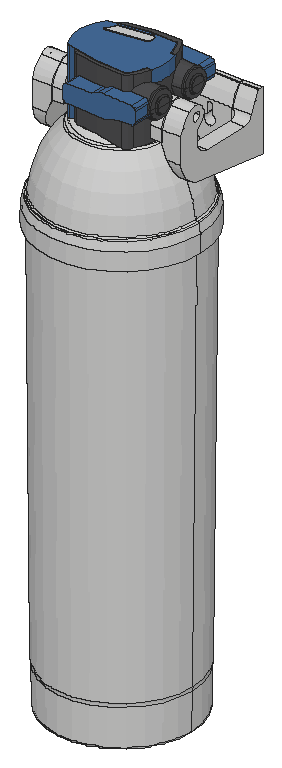
Revit family "QF_Vivreau_PURITY C500 Finest", category Specialty Equipment, Revit 2018 (continued)
Definition of nested family "QF_Vivreau_Wall Bracket_C500"
  Forms (in)
    Extrusion 5, solid
      sketch origin (0, 0, 0) x (0, 1, 0) y (0, 0, 1)
        loop
          line (-3.74609, 56.01885) -> (-3.74609, 55.58356) -> (-3.04993, 55.58356) -> (-3.04993, 55.82751)
          arc (-3.04993, 55.82751) -> (-3.01891, 55.92778) -> (-2.95631, 56.01202) r 0.31113
          arc (-2.95631, 56.01202) -> (-2.87354, 56.09395) -> (-2.79381, 56.17883) r 3.21432
          arc (-2.79381, 56.17883) -> (-2.73635, 56.27963) -> (-2.7179, 56.39419) r 0.32555
          arc (-2.7179, 56.39419) -> (-2.77627, 56.58692) -> (-2.92668, 56.72083) r 0.37126
          arc (-2.92668, 56.72083) -> (-3.14017, 56.75004) -> (-3.32952, 56.64719) r 0.34587
      from 0.71175 to 1.13945
    Extrusion 6, solid
      sketch origin (4.34798, 0, 0) x (0, 1, 0) y (0, 0, 1)
        loop
          arc (-3.32952, 56.64719) -> (-3.60078, 56.37477) -> (-3.74609, 56.01885) r 0.97803
          line (-3.74609, 56.01885) -> (-3.74609, 55.58356) -> (-3.04993, 55.58356) -> (-3.04993, 55.82751)
          arc (-3.04993, 55.82751) -> (-3.01891, 55.92778) -> (-2.95631, 56.01202) r 0.31113
          arc (-2.95631, 56.01202) -> (-2.87354, 56.09395) -> (-2.79381, 56.17883) r 3.21432
          arc (-2.79381, 56.17883) -> (-2.73635, 56.27963) -> (-2.7179, 56.39419) r 0.32555
          arc (-2.7179, 56.39419) -> (-2.77627, 56.58692) -> (-2.92668, 56.72083) r 0.37126
          arc (-2.92668, 56.72083) -> (-3.14017, 56.75004) -> (-3.32952, 56.64719) r 0.34587
      from 0 to 0.4277
    Extrusion 7, solid
      sketch origin (0, 0, 0) x (0, 1, 0) y (0, 0, 1)
        loop
          circle (-3.06236, 56.38281) r 0.17302
      from 1.13945 to 1.35172
    Extrusion 8, solid
      sketch origin (2.86179, 0, 0) x (0, 1, 0) y (0, 0, 1)
        loop
          circle (-3.06236, 56.38281) r 0.17302
      from 1.19877 to 1.48618
    Extrusion 9, void
      sketch origin (0, 0, 0) x (1, 0, 0) y (0, 0, 1)
        loop
          line (0.15642, 53.82017) -> (0.15642, 53.76981) -> (0.77378, 53.76981) -> (0.77378, 55.54717) -> (0.71175, 55.54717)
          arc (0.71175, 55.54717) -> (0.39158, 54.69733) -> (0.15642, 53.82017) r 9.23624
      from 0.51986 to 3.74609
    Extrusion 10, void
      sketch origin (5.48742, 0, 0) x (-1, 0, 0) y (0, 0, -1)
        loop
          arc (0.15642, -53.82017) -> (0.39158, -54.69733) -> (0.71175, -55.54717) r 9.23624
          line (0.71175, -55.54717) -> (0.77378, -55.54717) -> (0.77378, -53.76981) -> (0.15642, -53.76981) -> (0.15642, -53.82017)
      from 0.51986 to 3.74609
  Cuts and joins
    Extrusion 4, Extrusion 9 cuts Extrusion 3
    Extrusion 9, Extrusion 10 cuts Extrusion 1
    Extrusion 10 cuts Extrusion 2
  Lines and regions (in)
    symbolic lines
      curve 1: line (0, -3.23537, 56.38281) -> (0, -2.88934, 56.38281)
      curve 2: line (0.40405, -0.13295, 0) -> (0.40405, 0, 0)
      curve 3: line (0.40405, 0, 0) -> (5.08337, 0, 0)
      curve 4: line (5.08337, -0.13295, 0) -> (5.08337, 0, 0)
      curve 5: line (0.40405, -0.13295, 0) -> (5.08337, -0.13295, 0)
      curve 6: arc (0.40405, -0.13295, 0) -> (0.42218, -0.30656, 0) -> (0.44979, -0.47891, 0) r 3.18691
      curve 7: arc (0.44979, -0.47891, 0) -> (0.44265, -0.54927, 0) -> (0.42407, -0.6175, 0) r 0.42983
      curve 8: arc (0.42407, -0.6175, 0) -> (0.08893, -1.60757, 0) -> (0, -2.64903, 0) r 4.34392
      curve 9: arc (1.01852, -0.51986, 0) -> (0.66155, -1.5729, 0) -> (0.57957, -2.68176, 0) r 4.40598
      curve 10: line (0.39328, -2.68176, 0) -> (1.02034, -2.68176, 0)
      curve 11: line (1.02034, -2.68176, 0) -> (1.02034, -3.68176, 0)
      curve 12: arc (0.39328, -2.68176, 0) -> (0.27454, -2.7648, 0) -> (0.22894, -2.90232, 0) r 0.23018
      curve 13: arc (0.12248, -3.08148, 0) -> (0.15422, -3.06272, 0) -> (0.17635, -3.03322, 0) r 0.09432
      curve 14: arc (0.17635, -3.03322, 0) -> (0.20476, -2.96863, 0) -> (0.22894, -2.90232, 0) r 1.08965
      curve 15: arc (0.12248, -3.08148, 0) -> (0.0982, -3.08363, 0) -> (0.07385, -3.08469, 0) r 0.54642
      curve 16: arc (0.07385, -3.08469, 0) -> (0.04284, -3.05822, 0) -> (0.0293, -3.01977, 0) r 0.07844
      curve 17: arc (0.39328, -2.68176, 0) -> (0.44322, -2.69561, 0) -> (0.47889, -2.7332, 0) r 0.09696
      curve 18: arc (0.47889, -2.7332, 0) -> (0.51971, -2.80727, 0) -> (0.54276, -2.88864, 0) r 0.37227
      curve 19: arc (0.54276, -2.88864, 0) -> (0.55909, -3.03706, 0) -> (0.54276, -3.18547, 0) r 0.68254
      curve 20: arc (0.54276, -3.18547, 0) -> (0.46763, -3.39851, 0) -> (0.34409, -3.58761, 0) r 0.94478
      curve 21: arc (0.34409, -3.58761, 0) -> (0.29471, -3.65131, 0) -> (0.23677, -3.70733, 0) r 0.5646
      curve 22: arc (0.23677, -3.70733, 0) -> (0.20133, -3.72715, 0) -> (0.16121, -3.73335, 0) r 0.11449
      curve 23: arc (0.16121, -3.73335, 0) -> (0.12018, -3.73371, 0) -> (0.07926, -3.73682, 0) r 0.61075
      curve 24: arc (0.07926, -3.73682, 0) -> (0.02221, -3.70198, 0) -> (0, -3.63894, 0) r 0.09968
      curve 25: line (0, -3.63894, 0) -> (0, -2.64903, 0)
      curve 26: arc (0.0293, -3.01977, 0) -> (0.01004, -2.90893, 0) -> (0, -2.79687, 0) r 1.36079
      curve 27: arc (0.07926, -3.73682, 0) -> (0.21195, -3.74363, 0) -> (0.3448, -3.74609, 0) r 4.0609
      curve 28: arc (0.3448, -3.74609, 0) -> (0.65283, -3.73623, 0) -> (0.95923, -3.70313, 0) r 4.07828
      curve 29: arc (0.95923, -3.70313, 0) -> (0.99081, -3.69537, 0) -> (1.02034, -3.68176, 0) r 0.17058
      curve 30: arc (5.08337, -0.13295, 0) -> (5.06524, -0.30656, 0) -> (5.03763, -0.47891, 0) r 3.18691
      curve 31: arc (5.03763, -0.47891, 0) -> (5.04477, -0.54927, 0) -> (5.06335, -0.6175, 0) r 0.42983
      curve 32: arc (5.06335, -0.6175, 0) -> (5.39849, -1.60757, 0) -> (5.48742, -2.64903, 0) r 4.34392
      curve 33: arc (4.4689, -0.51986, 0) -> (4.82587, -1.5729, 0) -> (4.90785, -2.68176, 0) r 4.40598
      curve 34: line (5.09414, -2.68176, 0) -> (4.46708, -2.68176, 0)
      curve 35: line (4.46708, -2.68176, 0) -> (4.46708, -3.68176, 0)
      curve 36: arc (5.09414, -2.68176, 0) -> (5.21288, -2.7648, 0) -> (5.25848, -2.90232, 0) r 0.23018
      curve 37: arc (5.36494, -3.08148, 0) -> (5.3332, -3.06272, 0) -> (5.31108, -3.03322, 0) r 0.09432
      curve 38: arc (5.31108, -3.03322, 0) -> (5.28266, -2.96863, 0) -> (5.25848, -2.90232, 0) r 1.08965
      curve 39: arc (5.36494, -3.08148, 0) -> (5.38922, -3.08363, 0) -> (5.41358, -3.08469, 0) r 0.54642
      curve 40: arc (5.41358, -3.08469, 0) -> (5.44458, -3.05822, 0) -> (5.45812, -3.01977, 0) r 0.07844
      curve 41: arc (5.09414, -2.68176, 0) -> (5.0442, -2.69561, 0) -> (5.00853, -2.7332, 0) r 0.09696
      curve 42: arc (5.00853, -2.7332, 0) -> (4.96771, -2.80727, 0) -> (4.94466, -2.88864, 0) r 0.37227
      curve 43: arc (4.94466, -2.88864, 0) -> (4.92833, -3.03706, 0) -> (4.94466, -3.18547, 0) r 0.68254
      curve 44: arc (4.94466, -3.18547, 0) -> (5.01979, -3.39851, 0) -> (5.14334, -3.58761, 0) r 0.94478
      curve 45: arc (5.14334, -3.58761, 0) -> (5.19271, -3.65131, 0) -> (5.25065, -3.70733, 0) r 0.5646
      curve 46: arc (5.25065, -3.70733, 0) -> (5.28609, -3.72715, 0) -> (5.32621, -3.73335, 0) r 0.11449
      curve 47: arc (5.32621, -3.73335, 0) -> (5.36725, -3.73371, 0) -> (5.40816, -3.73682, 0) r 0.61075
      curve 48: arc (5.40816, -3.73682, 0) -> (5.46521, -3.70198, 0) -> (5.48742, -3.63894, 0) r 0.09968
      curve 49: line (5.48742, -3.63894, 0) -> (5.48742, -2.64903, 0)
      curve 50: arc (5.45812, -3.01977, 0) -> (5.47738, -2.90893, 0) -> (5.48742, -2.79687, 0) r 1.36079
      curve 51: arc (5.40816, -3.73682, 0) -> (5.27547, -3.74363, 0) -> (5.14262, -3.74609, 0) r 4.0609
      curve 52: arc (5.14262, -3.74609, 0) -> (4.8346, -3.73623, 0) -> (4.52819, -3.70313, 0) r 4.07828
      curve 53: arc (4.52819, -3.70313, 0) -> (4.49661, -3.69537, 0) -> (4.46708, -3.68176, 0) r 0.17058
      curve 54: line (1.1815, -2.88934, 0) -> (1.02034, -2.88934, 0)
      curve 55: line (1.1815, -2.88934, 0) -> (1.1815, -3.23537, 0)
      curve 56: line (1.1815, -3.23537, 0) -> (1.02034, -3.23537, 0)
      curve 57: line (4.17639, -2.88934, 0) -> (4.46708, -2.88934, 0)
      curve 58: line (4.17639, -2.88934, 0) -> (4.17639, -3.23537, 0)
      curve 59: line (4.17639, -3.23537, 0) -> (4.46708, -3.23537, 0)
      curve 60: line (1.01852, -0.51986, 0) -> (4.4689, -0.51986, 0)
      curve 61: line (0, 0, 0) -> (5.48742, 0, 0)
  Dimensions and locks (in)
    "Depth": plane 4 "FRONT" to plane 1 "BACK"
    equal spacing: plane 4 "FRONT", plane 5 "Center (Front/Back)", plane 1 "BACK"
    locked: plane 3 "LEFT" to plane 7 "RIGHT" at 5.48742
    equal spacing: plane 3 "LEFT", plane 8 "Center (Left/Right)", plane 7 "RIGHT"
    plane 10 "Center F/D" to plane 9 "Center F/C" to plane 11 "Center F/E" to plane 12 "Center F/F" to plane 6 "Center (Bottom/Top)" to plane 14 "Center F/N" = 0' - 0.36597" locked, 0' - 0.36396" locked, 0' - 0.94337" locked, 0' - 1.25532" locked, 1' - 5.82017" locked
    locked: plane 13 "Center F/I" to plane 10 "Center F/D" at 0.16528
    "Mounting Height": plane 14 "Center F/N" to plane 2 "REF. LAYER"
    aligned and locked: level to plane 2 "REF. LAYER"
    aligned and locked: plane 11 "Center F/E" to Extrusion 1 sketch curve
    aligned and locked: plane 1 "BACK" to Extrusion 1 sketch curve
    aligned and locked: plane 12 "Center F/F" to Extrusion 1 sketch curve
    aligned and locked: Extrusion 1 sketch curve to plane 12 "Center F/F"
    aligned and locked: plane 4 "FRONT" to Extrusion 1 sketch curve
    aligned and locked: plane 3 "LEFT" to curve 61
    aligned and locked: plane 7 "RIGHT" to curve 61
    aligned and locked: curve 61 to plane 2 "REF. LAYER"
    aligned and locked: Extrusion 5 to cut or joined group of Extrusion 1, Extrusion 9, Extrusion 10
    aligned and locked: Extrusion 6 to cut or joined group of Extrusion 2, Extrusion 10
  Automatic sketch dimensions
    curve 1 to plane 9 "Center F/C" = 0' - 0"
    curve 1 to plane 4 "FRONT" = 0' - 0.51072"
    curve 1 to curve 1 = 0' - 0.34603"
    curve 26 to plane 3 "LEFT" = 0' - 0"
    plane 4 "FRONT" to curve 27 = 0' - 0"
    plane 1 "BACK" to curve 2 = 0' - 0"
    plane 4 "FRONT" to curve 51 = 0' - 0"
    curve 48 to plane 7 "RIGHT" = 0' - 0"
    curve 19 to plane 3 "LEFT" = 0' - 0.12345"
    curve 21 to plane 3 "LEFT" = 0' - 0.12571"
    curve 20 to curve 19 = 0' - 0.25597"
    curve 14 to curve 20 = 0' - 0.42691"
    plane 3 "LEFT" to curve 7 = 0' - 0.02004"
    plane 3 "LEFT" to curve 15 = 0' - 0.06218"
    plane 3 "LEFT" to curve 13 = 0' - 0.09129"
    plane 3 "LEFT" to curve 24 = 0' - 0.09968"
    curve 13 to curve 16 = 0' - 0.01623"
    plane 3 "LEFT" to curve 23 = 0' - 0.146"
    curve 24 to curve 22 = 0' - 0.06438"
    curve 16 to curve 18 = 0' - 0.06786"
    plane 3 "LEFT" to curve 27 = 0' - 0.35368"
    curve 27 to curve 28 = 0' - 0.01466"
    curve 18 to curve 10 = 0' - 0.2179"
    plane 1 "BACK" to curve 5 = 0' - 0.13295"
    plane 3 "LEFT" to curve 5 = 0' - 0.40405"
    curve 17 to curve 12 = 0' - 0.06584"
    curve 12 to curve 33 = 0' - 0.11471"
    curve 29 to plane 4 "FRONT" = 0' - 0.21174"
    curve 22 to curve 29 = 0' - 0.77045"
    plane 1 "BACK" to curve 60 = 0' - 0.51986"
    curve 2 to curve 60 = 0' - 0.61447"
    curve 33 to curve 11 = 0' - 0.51235"
    curve 10 to curve 32 = 0' - 0.12589"
    curve 54 to curve 54 = 0' - 0.16115"
    curve 54 to curve 26 = 0' - 0.17773"
    curve 30 to plane 1 "BACK" = 0' - 0.11117"
    curve 30 to plane 8 "Center (Left/Right)" = 0' - 0.83788"
    curve 6 to plane 1 "BACK" = 0' - 0.11117"
    plane 8 "Center (Left/Right)" to curve 6 = 0' - 0.83788"
    curve 50 to plane 7 "RIGHT" = 0' - 1.35923"
    curve 50 to curve 57 = 0' - 0.0482"
    curve 50 to curve 8 = 0' - 0.213"
    curve 8 to curve 34 = 0' - 0.12589"
    curve 60 to plane 7 "RIGHT" = 0' - 1.01852"
    curve 35 to curve 53 = 0' - 0.08583"
    curve 9 to plane 7 "RIGHT" = 0' - 0.50799"
    curve 9 to curve 36 = 0' - 0.04887"
    curve 5 to plane 7 "RIGHT" = 0' - 0.40405"
    curve 36 to curve 34 = 0' - 0.06584"
    curve 3 to curve 52 = 0' - 0.03571"
    curve 52 to curve 51 = 0' - 0.01466"
    curve 42 to plane 7 "RIGHT" = 0' - 0.17538"
    curve 46 to plane 4 "FRONT" = 0' - 0.12719"
    curve 46 to plane 7 "RIGHT" = 0' - 0 21/128"
    curve 47 to plane 7 "RIGHT" = 0' - 0.146"
    curve 42 to curve 40 = 0' - 0.06786"
    curve 46 to curve 48 = 0' - 0.06438"
    curve 40 to curve 37 = 0' - 0.01623"
    curve 39 to plane 7 "RIGHT" = 0' - 0.06218"
    curve 31 to plane 7 "RIGHT" = 0' - 0.02004"
    plane 7 "RIGHT" to curve 43 = 0' - 0.12345"
    plane 7 "RIGHT" to curve 45 = 0' - 0.12571"
    curve 43 to curve 44 = 0' - 0.25597"
    curve 44 to curve 38 = 0' - 0.42691"
    plane 4 "FRONT" to curve 47 = 0' - 0.59782"
    plane 4 "FRONT" to curve 23 = 0' - 0.59782"
    curve 11 to plane 4 "FRONT" = 0' - 0.06433"
    curve 35 to plane 4 "FRONT" = 0' - 0.06433"
    curve 48 to curve 46 = 0' - 0.02035"
    curve 28 to curve 24 = 0' - 0.10684"
    curve 24 to curve 25 = 0' - 0.00031"
    curve 48 to curve 49 = 0' - 0.00031"
    curve 24 to curve 22 = 0' - 0.02035"
    curve 35 to curve 53 = 0' - 0.14741"
    curve 25 to curve 21 = 0' - 0.36448"
    curve 48 to curve 45 = 0' - 0.36448"
    curve 29 to curve 56 = 0' - 0.29898"
    curve 53 to curve 58 = 0' - 0.29898"
    curve 21 to curve 19 = 0' - 0.23741"
    curve 45 to curve 43 = 0' - 0.23741"
    curve 19 to curve 16 = 0' - 0.02321"
    curve 43 to curve 40 = 0' - 0.02321"
    curve 16 to curve 13 = 0' - 0.02138"
    curve 40 to curve 37 = 0' - 0.02138"
    curve 19 to curve 20 = 0' - 0.05702"
    curve 43 to curve 44 = 0' - 0.05702"
    curve 40 to curve 42 = 0' - 0.06509"
    curve 16 to curve 18 = 0' - 0.06509"
    curve 18 to curve 12 = 0' - 0.04643"
    curve 42 to curve 36 = 0' - 0.04643"
    curve 58 to curve 57 = 0' - 0.34603"
    curve 55 to curve 54 = 0' - 0.34603"
    curve 36 to curve 41 = 0' - 0.12361"
    curve 12 to curve 17 = 0' - 0.12361"
    curve 57 to curve 50 = 0' - 0.15777"
    curve 54 to curve 26 = 0' - 0.15777"
    curve 54 to curve 11 = 0' - 0.20758"
    curve 57 to curve 34 = 0' - 0.20758"
    curve 12 to curve 25 = 0' - 0.25329"
    curve 36 to curve 49 = 0' - 0.25329"
    curve 20 to curve 14 = 0' - 0.41766"
    curve 44 to curve 38 = 0' - 0.41766"
    curve 8 to curve 15 = 0' - 0.11064"
    curve 32 to curve 39 = 0' - 0.11064"
    curve 34 to curve 8 = 0' - 0.18655"
    curve 10 to curve 32 = 0' - 0.18655"
    curve 9 to curve 33 = 0' - 0.23217"
    curve 33 to curve 9 = 0' - 0.23217"
    plane 1 "BACK" to curve 31 = 0' - 0.47084"
    plane 1 "BACK" to curve 7 = 0' - 0.47084"
    curve 51 to plane 1 "BACK" = 0' - 0.31479"
    curve 27 to plane 1 "BACK" = 0' - 0.31479"
    curve 51 to curve 52 = 0' - 0.01732"
    curve 27 to curve 28 = 0' - 0.01732"
    plane 3 "LEFT" to curve 26 = 0' - 0.0293"
    plane 3 "LEFT" to curve 16 = 0' - 0.07385"
    curve 27 to curve 24 = 0' - 0.02042"
    curve 16 to curve 13 = 0' - 0.04863"
    curve 22 to curve 23 = 0' - 0"
    curve 13 to curve 14 = 0' - 0"
    curve 21 to plane 4 "FRONT" = 0' - 0.03876"
    curve 20 to plane 4 "FRONT" = 0' - 0.15848"
    plane 3 "LEFT" to curve 8 = 0' - 0.42407"
    curve 17 to curve 17 = 0' - 0.08561"
    curve 19 to curve 20 = 0' - 0"
    curve 52 to curve 53 = 0' - 0"
    curve 42 to curve 36 = 0' - 0.08364"
    curve 43 to curve 36 = 0' - 0.08364"
    curve 44 to curve 43 = 0' - 0"
    curve 31 to curve 4 = 0' - 0.04574"
    curve 45 to plane 4 "FRONT" = 0' - 0.15848"
    curve 46 to plane 4 "FRONT" = 0' - 0.03876"
    curve 37 to curve 38 = 0' - 0"
    curve 37 to curve 40 = 0' - 0.01496"
    curve 39 to curve 39 = 0' - 0.04863"
    curve 50 to plane 7 "RIGHT" = 0' - 0.0293"
    Extrusion 1 sketch curve to plane 9 "Center F/C" = 0' - 0"
    Extrusion 1 sketch curve to plane 6 "Center (Bottom/Top)" = 0' - 0"
    Extrusion 1 sketch curve to plane 12 "Center F/F" = 0' - 0"
    Extrusion 1 sketch curve to plane 11 "Center F/E" = 0' - 0"
    plane 4 "FRONT" to Extrusion 1 sketch curve = 0' - 1.42987"
    plane 9 "Center F/C" to Extrusion 1 sketch curve = 0' - 0.00416"
    Extrusion 1 sketch curve to plane 4 "FRONT" = 0' - 0.657"
    Extrusion 1 sketch curve to Extrusion 1 sketch curve = 0' - 0.01111"
    Extrusion 1 sketch curve to Extrusion 1 sketch curve = 0' - 0.02674"
    Extrusion 1 sketch curve to plane 11 "Center F/E" = 0' - 0.19134"
    Extrusion 1 sketch curve to Extrusion 1 sketch curve = 0' - 0.01242"
    plane 6 "Center (Bottom/Top)" to Extrusion 1 sketch curve = 0' - 0.39563"
    Extrusion 1 sketch curve to plane 4 "FRONT" = 0' - 0.69616"
    Extrusion 1 sketch curve to Extrusion 1 sketch curve = 0' - 0.01897"
    Extrusion 1 sketch curve to Extrusion 1 sketch curve = 0' - 0.26431"
    Extrusion 1 sketch curve to Extrusion 1 sketch curve = 0' - 0.04417"
    plane 12 "Center F/F" to Extrusion 1 sketch curve = 0' - 0.12897"
    Extrusion 1 sketch curve to Extrusion 1 sketch curve = 0' - 0.1996"
    plane 1 "BACK" to Extrusion 1 sketch curve = 0' - 0.82448"
    Extrusion 1 sketch curve to Extrusion 1 sketch curve = 0' - 0.01126"
    Extrusion 1 sketch curve to Extrusion 1 sketch curve = 0' - 0.13295"
    Extrusion 1 sketch curve to Extrusion 1 sketch curve = 0' - 0.01033"
    Extrusion 1 sketch curve to plane 12 "Center F/F" = 0' - 0.24956"
    Extrusion 1 sketch curve to plane 1 "BACK" = 0' - 1.35693"
    plane 12 "Center F/F" to Extrusion 1 sketch curve = 0' - 0.33547"
    Extrusion 1 sketch curve to plane 11 "Center F/E" = 0' - 0.23186"
    Extrusion 1 sketch curve to Extrusion 1 sketch curve = 0' - 0.04736"
    Extrusion 1 sketch curve to plane 11 "Center F/E" = 0' - 0.05594"
    plane 9 "Center F/C" to Extrusion 1 sketch curve = 0' - 0.00505"
    Extrusion 1 sketch curve to Extrusion 1 sketch curve = 0' - 0.02283"
    plane 13 "Center F/I" to Extrusion 1 sketch curve = 0' - 1.42282"
    Extrusion 1 sketch curve to plane 10 "Center F/D" = 0' - 0.10159"
    Extrusion 1 sketch curve to Extrusion 1 sketch curve = 0' - 0"  (x3)
    plane 11 "Center F/E" to Extrusion 1 sketch curve = 0' - 0.15998"
    Extrusion 2 sketch curve to plane 4 "FRONT" = 0' - 0"
    Extrusion 2 sketch curve to plane 9 "Center F/C" = 0' - 0"
    Extrusion 2 sketch curve to plane 12 "Center F/F" = 0' - 0"  (x2)
    Extrusion 2 sketch curve to plane 11 "Center F/E" = 0' - 0"  (x2)
    Extrusion 2 sketch curve to plane 1 "BACK" = 0' - 0"
    Extrusion 2 sketch curve to plane 6 "Center (Bottom/Top)" = 0' - 0"
    plane 4 "FRONT" to Extrusion 2 sketch curve = 0' - 1.42987"
    plane 9 "Center F/C" to Extrusion 2 sketch curve = 0' - 0.00416"
    Extrusion 2 sketch curve to plane 4 "FRONT" = 0' - 0.657"
    Extrusion 2 sketch curve to Extrusion 2 sketch curve = 0' - 0.01111"
    Extrusion 2 sketch curve to Extrusion 2 sketch curve = 0' - 0.02674"
    Extrusion 2 sketch curve to plane 11 "Center F/E" = 0' - 0.19134"
    Extrusion 2 sketch curve to Extrusion 2 sketch curve = 0' - 0.01242"
    plane 6 "Center (Bottom/Top)" to Extrusion 2 sketch curve = 0' - 0.39563"
    Extrusion 2 sketch curve to plane 4 "FRONT" = 0' - 0.69616"
    Extrusion 2 sketch curve to Extrusion 2 sketch curve = 0' - 0.01897"
    Extrusion 2 sketch curve to Extrusion 2 sketch curve = 0' - 0.26431"
    Extrusion 2 sketch curve to Extrusion 2 sketch curve = 0' - 0.04417"
    plane 12 "Center F/F" to Extrusion 2 sketch curve = 0' - 0.12897"
    Extrusion 2 sketch curve to Extrusion 2 sketch curve = 0' - 0.1996"
    plane 1 "BACK" to Extrusion 2 sketch curve = 0' - 0.82448"
    Extrusion 2 sketch curve to Extrusion 2 sketch curve = 0' - 0.01126"
    Extrusion 2 sketch curve to Extrusion 2 sketch curve = 0' - 0.13295"
    Extrusion 2 sketch curve to Extrusion 2 sketch curve = 0' - 0.01033"
    Extrusion 2 sketch curve to plane 12 "Center F/F" = 0' - 0.24956"
    Extrusion 2 sketch curve to plane 1 "BACK" = 0' - 1.35693"
    plane 12 "Center F/F" to Extrusion 2 sketch curve = 0' - 0.33547"
    Extrusion 2 sketch curve to plane 11 "Center F/E" = 0' - 0.23186"
    Extrusion 2 sketch curve to Extrusion 2 sketch curve = 0' - 0.04736"
    Extrusion 2 sketch curve to plane 11 "Center F/E" = 0' - 0.05594"
    plane 9 "Center F/C" to Extrusion 2 sketch curve = 0' - 0.00505"
    Extrusion 2 sketch curve to Extrusion 2 sketch curve = 0' - 0.02283"
    plane 13 "Center F/I" to Extrusion 2 sketch curve = 0' - 1.42282"
    Extrusion 2 sketch curve to plane 10 "Center F/D" = 0' - 0.10159"
    Extrusion 2 sketch curve to Extrusion 2 sketch curve = 0' - 0"  (x3)
    plane 11 "Center F/E" to Extrusion 2 sketch curve = 0' - 0.15998"
    Extrusion 3 sketch curve to plane 11 "Center F/E" = 0' - 0"
    Extrusion 3 sketch curve to plane 1 "BACK" = 0' - 0"
    Extrusion 3 sketch curve to plane 6 "Center (Bottom/Top)" = 0' - 0"
    Extrusion 3 sketch curve to plane 11 "Center F/E" = 0' - 0.05594"
    plane 1 "BACK" to Extrusion 3 sketch curve = 0' - 0.12262"
    Extrusion 3 sketch curve to Extrusion 3 sketch curve = 0' - 0.01033"
    plane 6 "Center (Bottom/Top)" to Extrusion 3 sketch curve = 0' - 0.0649"
    plane 1 "BACK" to Extrusion 3 sketch curve = 0' - 0.50028"
    Extrusion 3 sketch curve to plane 12 "Center F/F" = 0' - 0.24956"
    Extrusion 3 sketch curve to plane 1 "BACK" = 0' - 1.35693"
    plane 12 "Center F/F" to Extrusion 3 sketch curve = 0' - 0.24852"
    plane 12 "Center F/F" to Extrusion 4 sketch curve = 0' - 0.08217"  (x2)
    Extrusion 4 sketch curve to plane 8 "Center (Left/Right)" = 0' - 1.30818"
    Extrusion 4 sketch curve to Extrusion 4 sketch curve = 0' - 0.10205"  (x2)
    plane 12 "Center F/F" to Extrusion 4 sketch curve = 0' - 0.04972"  (x2)
    Extrusion 4 sketch curve to Extrusion 4 sketch curve = 0' - 0.1025"  (x2)
    Extrusion 4 sketch curve to Extrusion 4 sketch curve = 0' - 0.205"  (x2)
    Extrusion 4 sketch curve to plane 12 "Center F/F" = 0' - 0.24096"
    plane 8 "Center (Left/Right)" to Extrusion 4 sketch curve = 0' - 1.11185"
    Extrusion 4 sketch curve to plane 12 "Center F/F" = 0' - 0.24147"
    Extrusion 4 sketch curve to Extrusion 4 sketch curve = 0' - 0.00051"
    Extrusion 4 sketch curve to Extrusion 4 sketch curve = 0' - 0.18093"
    Extrusion 5 sketch curve to plane 4 "FRONT" = 0' - 0"
    Extrusion 5 sketch curve to plane 11 "Center F/E" = 0' - 0"
    plane 4 "FRONT" to Extrusion 5 sketch curve = 0' - 1.42987"
    plane 9 "Center F/C" to Extrusion 5 sketch curve = 0' - 0.00416"
    Extrusion 5 sketch curve to plane 4 "FRONT" = 0' - 0.657"
    Extrusion 5 sketch curve to Extrusion 5 sketch curve = 0' - 0.01111"
    Extrusion 5 sketch curve to plane 4 "FRONT" = 0' - 0.69616"
    Extrusion 5 sketch curve to Extrusion 5 sketch curve = 0' - 0.0346"
    Extrusion 5 sketch curve to Extrusion 5 sketch curve = 0' - 0.26431"
    Extrusion 5 sketch curve to Extrusion 5 sketch curve = 0' - 0.04417"
    Extrusion 5 sketch curve to plane 11 "Center F/E" = 0' - 0.1845"
    Extrusion 5 sketch curve to plane 11 "Center F/E" = 0' - 0.19134"
    Extrusion 5 sketch curve to Extrusion 5 sketch curve = 0' - 0.04736"
    Extrusion 5 sketch curve to Extrusion 5 sketch curve = 0' - 0.43529"
    plane 9 "Center F/C" to Extrusion 5 sketch curve = 0' - 0.00505"
    Extrusion 5 sketch curve to Extrusion 5 sketch curve = 0' - 0.02283"
    plane 13 "Center F/I" to Extrusion 5 sketch curve = 0' - 1.42282"
    Extrusion 5 sketch curve to plane 10 "Center F/D" = 0' - 0.10159"
    Extrusion 5 sketch curve to Extrusion 5 sketch curve = 0' - 0"  (x2)
    plane 11 "Center F/E" to Extrusion 5 sketch curve = 0' - 0.15998"
    Extrusion 6 sketch curve to plane 4 "FRONT" = 0' - 0"
    Extrusion 6 sketch curve to plane 11 "Center F/E" = 0' - 0"
    plane 4 "FRONT" to Extrusion 6 sketch curve = 0' - 1.42987"
    plane 9 "Center F/C" to Extrusion 6 sketch curve = 0' - 0.00416"
    Extrusion 6 sketch curve to plane 4 "FRONT" = 0' - 0.657"
    Extrusion 6 sketch curve to Extrusion 6 sketch curve = 0' - 0.01111"
    Extrusion 6 sketch curve to plane 4 "FRONT" = 0' - 0.69616"
    Extrusion 6 sketch curve to Extrusion 6 sketch curve = 0' - 0.0346"
    Extrusion 6 sketch curve to Extrusion 6 sketch curve = 0' - 0.26431"
    Extrusion 6 sketch curve to Extrusion 6 sketch curve = 0' - 0.04417"
    Extrusion 6 sketch curve to plane 11 "Center F/E" = 0' - 0.1845"
    Extrusion 6 sketch curve to plane 11 "Center F/E" = 0' - 0.19134"
    Extrusion 6 sketch curve to Extrusion 6 sketch curve = 0' - 0.04736"
    Extrusion 6 sketch curve to Extrusion 6 sketch curve = 0' - 0.43529"
    plane 9 "Center F/C" to Extrusion 6 sketch curve = 0' - 0.00505"
    Extrusion 6 sketch curve to Extrusion 6 sketch curve = 0' - 0.02283"
    plane 13 "Center F/I" to Extrusion 6 sketch curve = 0' - 1.42282"
    Extrusion 6 sketch curve to plane 10 "Center F/D" = 0' - 0.10159"
    Extrusion 6 sketch curve to Extrusion 6 sketch curve = 0' - 0"  (x2)
    plane 11 "Center F/E" to Extrusion 6 sketch curve = 0' - 0.15998"
    Extrusion 7 sketch curve to plane 9 "Center F/C" = 0' - 0"
    Extrusion 7 sketch curve to plane 4 "FRONT" = 0' - 0.68374"
    Extrusion 8 sketch curve to plane 9 "Center F/C" = 0' - 0"
    Extrusion 8 sketch curve to plane 4 "FRONT" = 0' - 0.68374"
    Extrusion 9 sketch curve to plane 6 "Center (Bottom/Top)" = 0' - 0"
    Extrusion 9 sketch curve to plane 6 "Center (Bottom/Top)" = 0' - 0.05036"
    plane 3 "LEFT" to Extrusion 9 sketch curve = 0' - 0.15642"
    Extrusion 9 sketch curve to plane 11 "Center F/E" = 0' - 0.47168"
    plane 3 "LEFT" to Extrusion 9 sketch curve = 0' - 0.71175"
    Extrusion 9 sketch curve to Extrusion 9 sketch curve = 0' - 0.61736"
    Extrusion 9 sketch curve to plane 6 "Center (Bottom/Top)" = 0' - 1.95025"
    Extrusion 10 sketch curve to plane 6 "Center (Bottom/Top)" = 0' - 0"
    plane 6 "Center (Bottom/Top)" to Extrusion 10 sketch curve = 0' - 0.05036"
    plane 7 "RIGHT" to Extrusion 10 sketch curve = 0' - 0.15642"
    plane 11 "Center F/E" to Extrusion 10 sketch curve = 0' - 0.47168"
    Extrusion 10 sketch curve to Extrusion 10 sketch curve = 0' - 0.55533"
    Extrusion 10 sketch curve to Extrusion 10 sketch curve = 0' - 0.61736"
    plane 6 "Center (Bottom/Top)" to Extrusion 10 sketch curve = 0' - 1.95025"
    radius of Extrusion 1 sketch curve = 0' - 0.17302"
    radius of Extrusion 2 sketch curve = 0' - 0.17302"
    radius of Extrusion 7 sketch curve = 0' - 0.17302"
    radius of Extrusion 8 sketch curve = 0' - 0.17302"
